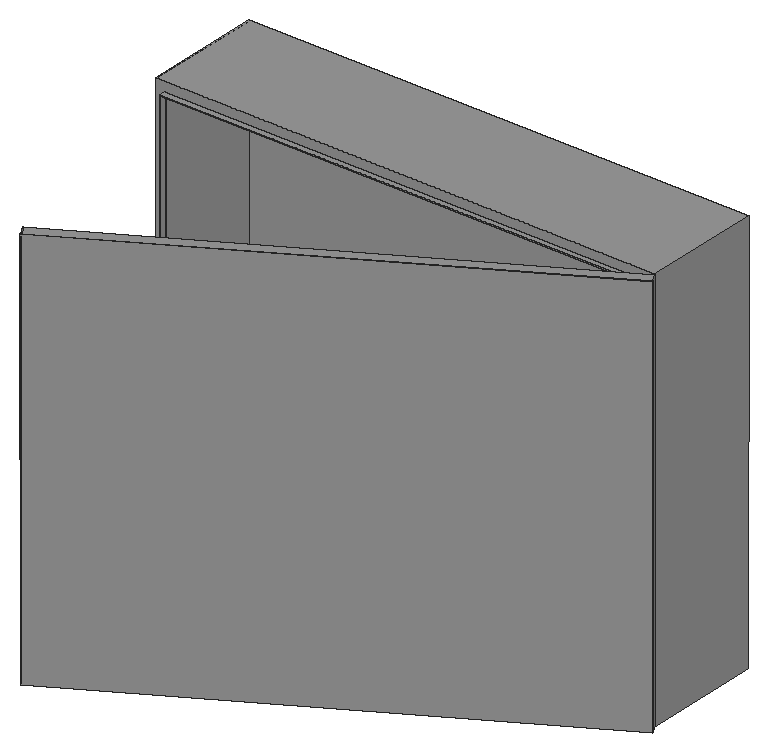
Revit family "Hager-Univers-IP54-D205-H650-Cl.I-Encl-NoHosted-CH-fr", category Electrical Equipment, Revit 2020
Family settings
  Panel Configuration = Two Columns, Circuits Across
  Round Connector Dimension = Use Diameter
  Part Type = Panelboard
  Work Plane-Based = Yes
  Always vertical = Yes
  Cut with Voids When Loaded = No
  Shared = No
  Room Calculation Point = No
Parameters (values of type "saillie IP54 L800 H650 P205  - FP43TW2")
  Width Control [instance] = if([EF000008 - largeur] > Min Width, [EF000008 - largeur], Min Width)  # 800 mm
  Type Comments = [HG000003 - Gamme]  # "Univers"
  Thickness Door [instance] = if([EF009171 - épaisseur de matériau de la porte/du couvercle] > 3 mm, 3 mm, [EF009171 - épaisseur de matériau de la porte/du couvercle])  # 1 mm
  Seal Frame Offset [instance] = 17 mm  # constant formula
  Plinth Visibility [instance] = [HG000027 - Hauteur du socle] > 0 mm  # no
  Min Width [instance] = 100 mm  # constant formula
  Min Depth [instance] = (2 * [EF009170 - épaisseur de matériau du boîtier]) + 1 mm  # 3 mm
  Min Height [instance] = 100 mm  # constant formula
  Internal Frame Depth [instance] = (Door System Depth * 0.5)  # 9 mm
  Panel Name [instance] = ""  # (empty or 0)
  Model = ""
  HG000027 - Hauteur du socle = 0 mm
  HG000026 - Installation au sol = no
  HG000024 - Hauteur de la section basse = 600 mm
  HG000023 - Armoire double section = no
  HG000016 - Visibilité de la porte 3D [instance] = yes
  HG000015 - Visibilité de l'emprise de la porte [instance] = no
  HG000014 - Porte à droite [instance] = yes
  HG000013 - Porte à gauche [instance] = not([HG000014 - Porte à droite])  # no
  HG000012 - Angle de pivotement de la porte [instance] = 30.00°
  HG000010 - Portes asymétriques = no
  HG000009 - Porte à double battant = no
  HG000006 - Encastré = no
  HG000004 - Référence fabricant = "FP43TW2"
  HG000003 - Gamme = "Univers"
  HG000002 - avec porte = yes
  Frame Offset Bottom [instance] = 10 mm  # constant formula
  Frame Offset [instance] = 15 mm  # constant formula
  EF015940 - couvercle avec décharge de pression = no
  EF011959 - degré de protection (NEMA) = ""
  EF009554 - nombre d'ouvertures pour plaques à bride = 6
  EF009212 - finition du couvercle = "EV000116 - fermé"
  EF009171 - épaisseur de matériau de la porte/du couvercle = 1 mm
  EF009170 - épaisseur de matériau du boîtier = 1 mm
  EF008873 - courant nominal (In) = 250 A
  EF007800 - adapté à un parafoudre = no
  EF006306 - avec serrure = no
  EF006244 - couvercle/porte transparent(e) = no
  EF005474 - indice de protection (IP) = "EV006419 - IP54"
  EF004464 - type de porte = "EV002646 - unique"
  EF004427 - nombre de modules = 144
  EF004293 - indice de protection contre les chocs (IK) = "EV006815 - IK09"
  EF003532 - convient pour utilisation à l’extérieur = no
  EF002950 - largeur en nombre de modules = 36
  EF001613 - maintien de fonction = "EV000494 - sans"
  EF001596 - matériau du boîtier/corps = "EV000179 - acier"
  EF001131 - profondeur intérieure = 205 mm
  EF001088 - possibilité de montage en saillie = yes
  EF000437 - nombre d'entrées de conduit = 6
  EF000339 - type de capot = "EV001012 - couvercle"
  EF000266 - nombre de rangées = 4
  EF000218 - profondeur d'encastrement = 205 mm
  EF000118 - avec cadre/support de montage = no
  EF000116 - numéro RAL = "9010"
  EF000049 - profondeur = 205 mm
  EF000040 - hauteur = 650 mm
  EF000008 - largeur = 800 mm
  EF000007 - couleur = "EV000202 - blanc"
  EF000003 - mode de pose = "EV000384 - saillie"
  Door System Leaf Tolerance [instance] = 1.5 mm  # constant formula
  Door System Depth [instance] = 18 mm  # constant formula
  Door Height [instance] = Height Control - [HG000027 - Hauteur du socle]  # 650 mm
  Description = ""
  Default Elevation = 1219.2 mm
  Connector Offset [instance] = Height Control / 2  # 325 mm
  Manufacturer = "Hager"  # constant formula
  Height Control [instance] = if([EF000040 - hauteur] > Min Height, [EF000040 - hauteur], Min Height)  # 650 mm
  Depth Control [instance] = if([EF000049 - profondeur] > Min Depth, [EF000049 - profondeur], Min Depth)  # 205 mm
  Bottom Top Plate Trim [instance] = 1.5 mm  # constant formula
  Plinth height Ctrl [instance] = if([HG000027 - Hauteur du socle] > 0 mm, [HG000027 - Hauteur du socle], 12 mm)  # 12 mm
Types (5, lengths in mm): name | Width Control | HG000004 - Référence fabricant | EF009554 - nombre d'ouvertures pour plaques à bride | EF004464 - type de porte | EF004427 - nombre de modules | EF002950 - largeur en nombre de modules | EF000437 - nombre d'entrées de conduit | EF000008 - largeur
  saillie IP54 L1050 H650 P205  - FP44TW2 | 1050 | "FP44TW2" | 8 | "EV003602 - double" | 192 | 48 | 8 | 1050
  saillie IP54 L1300 H650 P205  - FP45TW2 | 1300 | "FP45TW2" | 10 | "EV003602 - double" | 240 | 60 | 10 | 1300
  saillie IP54 L300 H650 P205  - FP41TW2 | 300 | "FP41TW2" | 2 | "EV002646 - unique" | 48 | 12 | 2 | 300
  saillie IP54 L550 H650 P205  - FP42TW2 | 550 | "FP42TW2" | 4 | "EV002646 - unique" | 96 | 24 | 4 | 550
  saillie IP54 L800 H650 P205  - FP43TW2 | 800 | "FP43TW2" | 6 | "EV002646 - unique" | 144 | 36 | 6 | 800
Reference planes
  plane 1 "Center (Front/Back)": y = 0
  plane 2: z = 0
  plane 3 "Center (Left/Right)": x = 0
  plane 4: y = 0
  plane 5: y = 0
  plane 6: z = 0
  plane 7: x = -400
  plane 8: x = 400
  plane 9: x = 399
  plane 10: x = -399
  plane 11: z = 0
  plane 12: z = 1
  plane 13: y = -205
  plane 14: y = -1
  plane 15: x = 0
  plane 16: y = -187
  plane 17: y = -204
  plane 18: y = -186
  plane 19: x = -384
  plane 20: x = 384
  plane 21: z = 11
  plane 22: x = -383
  plane 23: x = 383
  plane 24: z = 0
  plane 25: z = 650
  plane 26: z = 650
  plane 27: z = 634
  plane 28: z = 649
Forms (mm)
  Extrusion 1, solid, material "Hager_Steel_RAL7035_Light_Grey", detail levels medium+fine
    sketch origin (-208.679, -4572, 0) x (-1, 0, 0) y (0, -1, 0)
      loop
        line (191.321, -4385) -> (-608.679, -4385) -> (-608.679, -4572) -> (191.321, -4572) -> (191.321, -4385)
    from 0 to 650
  Extrusion 2, void
    sketch origin (-350.771, -205, 1219.2) x (1, 0, 0) y (0, 0, 1)
      loop
        line (-48.229, -570.2) -> (-48.229, -1218.2) -> (749.771, -1218.2) -> (749.771, -570.2) -> (-48.229, -570.2)
    from -19 to -204
  Extrusion 3, void
    sketch origin (-290.084, -187, 1219.2) x (1, 0, 0) y (0, 0, 1)
      loop
        line (-93.916, -1208.2) -> (674.084, -1208.2) -> (674.084, -585.2) -> (-93.916, -585.2) -> (-93.916, -1208.2)
    from 0 to -1
  Extrusion 4, solid, material "Hager_Steel_RAL7035_Light_Grey", visible <- "Plinth Visibility", detail levels medium+fine
    sketch origin (0, 0, 0) x (1, 0, 0) y (0, 1, 0)
      loop
        line (-400, 0) -> (-400, -187) -> (400, -187) -> (400, 0) -> (-400, 0)
    from 0 to 12 <- "Plinth height Ctrl"
  Extrusion 5, solid, material "Hager_Steel_RAL7035_Light_Grey", detail levels coarse
    sketch origin (0, 0, 0) x (1, 0, 0) y (0, 1, 0)
      loop
        line (-400, 0) -> (-400, -205) -> (400, -205) -> (400, 0) -> (-400, 0)
    from 0 to 650 <- "Height Control"
  Sweep 6, void
    path in 3D
      loop
        line (-400, -187, 12) -> (400, -187, 12) -> (400, 0, 12) -> (-400, 0, 12) -> (-400, -187, 12)
    profile origin (-400, -93.5, 12) x (1, 0, 0) y (0, 0, 1)
      loop
        line (0, 0) -> (0, -1.5) -> (1.5, -1.5)
        arc (1.5, -1.5) -> (1.061, -0.439) -> (0, 0) r 1.5
  Extrusion 7, solid, material "Hager_Steel_RAL7035_Light_Grey", detail levels fine
    sketch origin (-400, -187, 0) x (1, 0, 0) y (0, 0, 1)
      loop
        line (16, 11) -> (784, 11) -> (784, 634) -> (16, 634) -> (16, 11)
      loop
        line (15, 10) -> (785, 10) -> (785, 635) -> (15, 635) -> (15, 10)
    from 0 to 9 <- "Internal Frame Depth"
Cuts and joins
  Extrusion 2, Extrusion 3 cuts Extrusion 1
  Sweep 6 cuts Extrusion 4
Lines and regions (mm)
  Masking region 1
    outline origin (0, 0, 0) x (1, 0, 0) y (0, 1, 0)
      loop
        line (-400, 0) -> (-400, -205) -> (400, -205) -> (400, 0) -> (-400, 0)
  Masking region 2, detail levels coarse
    outline origin (-290.084, -187, 1219.2) x (-1, 0, 0) y (0, 0, 1)
      loop
        line (-690.084, -1219.2) -> (109.916, -1219.2) -> (109.916, -569.2) -> (-690.084, -569.2) -> (-690.084, -1219.2)
  Masking region 3, detail levels coarse
    outline origin (0, 0, 0) x (0, 1, 0) y (0, 0, 1)
      loop
        line (0, 0) -> (0, 650) -> (-205, 650) -> (-205, 0) -> (0, 0)
  Masking region 4, visible <- "Plinth Visibility", detail levels medium+fine
    outline origin (0, 0, 0) x (0, 1, 0) y (0, 0, 1)
      loop
        line (-1.5, 12) -> (-185.5, 12)
        arc (-185.5, 12) -> (-185.939, 10.939) -> (-187, 10.5) r 1.5
        line (-187, 10.5) -> (-187, 0) -> (0, 0) -> (0, 10.5)
        arc (0, 10.5) -> (-1.061, 10.939) -> (-1.5, 12) r 1.5
  Masking region 5, detail levels medium+fine
    outline origin (0, 0, 594.038) x (0, 1, 0) y (0, 0, 1)
      loop
        line (0, -594.038) -> (0, 55.962) -> (-187, 55.962) -> (-187, -594.038) -> (0, -594.038)
  Masking region 6, detail levels medium+fine
    outline origin (-359.7, -187, 1211.883) x (-1, 0, 0) y (0, 0, 1)
      loop
        line (-759.7, -1211.883) -> (40.3, -1211.883) -> (40.3, -561.883) -> (-759.7, -561.883) -> (-759.7, -1211.883)
  Masking region 7, visible <- "Plinth Visibility", detail levels medium+fine
    outline origin (-320.334, -187, 1041.368) x (-1, 0, 0) y (0, 0, 1)
      loop
        line (-720.334, -1041.368) -> (79.666, -1041.368) -> (79.666, -1030.868)
        arc (79.666, -1030.868) -> (78.606, -1030.429) -> (78.166, -1029.368) r 1.5
        line (78.166, -1029.368) -> (-718.834, -1029.368)
        arc (-718.834, -1029.368) -> (-719.273, -1030.429) -> (-720.334, -1030.868) r 1.5
        line (-720.334, -1030.868) -> (-720.334, -1041.368)
  sketch lines
    curve 1: line (-400, 0, 12) -> (-400, -187, 12)
    curve 2: line (-400, -187, 12) -> (400, -187, 12)
    curve 3: line (400, 0, 12) -> (-400, 0, 12)
    curve 4: line (400, -187, 12) -> (400, 0, 12)
Dimensions and locks
  locked: plane 1 "Center (Front/Back)" to plane 5
  "EF009170 - épaisseur de matériau du boîtier": plane 7 to plane 10
  "EF009170 - épaisseur de matériau du boîtier": plane 8 to plane 9
  equal spacing: plane 7, plane 3 "Center (Left/Right)", plane 8
  "Width Control": plane 7 to plane 8
  "Depth Control": plane 4 to plane 13
  "EF009170 - épaisseur de matériau du boîtier": plane 4 to plane 14
  "Height Control": plane 25 to level
  "HG000027 - Hauteur du socle": plane 11 to level
  "EF009170 - épaisseur de matériau du boîtier": plane 12 to plane 11
  "EF009170 - épaisseur de matériau du boîtier": plane 17 to plane 13
  "EF009170 - épaisseur de matériau du boîtier": plane 18 to plane 16
  "Frame Offset Bottom": plane 21 to plane 12
  "Frame Offset": plane 10 to plane 19
  "Frame Offset": plane 9 to plane 20
  "Door System Depth": plane 16 to plane 13
  "Seal Frame Offset": plane 7 to plane 22
  "Seal Frame Offset": plane 8 to plane 23
  "EF009170 - épaisseur de matériau du boîtier": plane 26 to plane 28
  "Frame Offset": plane 28 to plane 27
  "Connector Offset": plane 2 to connector elem
  "Bottom Top Plate Trim": profile plane to Sweep 6 sketch curve
  "Bottom Top Plate Trim": Sweep 6 sketch curve to Sweep 6 sketch curve
  "Plinth height Ctrl": Masking region 4 sketch curve to level
  "Plinth height Ctrl": Masking region 7 sketch curve to level
  "Thickness Door": Extrusion 7 sketch curve to Extrusion 7 sketch curve  (x4)
  "Bottom Top Plate Trim": radius of Sweep 6 sketch curve
  "Bottom Top Plate Trim": radius of Masking region 4 sketch curve  (x2)
  "Bottom Top Plate Trim": radius of Masking region 7 sketch curve  (x2)
  aligned and locked: Extrusion 2 sketch curve to plane 12
  aligned and locked: Extrusion 2 sketch curve to plane 9
  aligned and locked: Extrusion 2 sketch curve to plane 10
  aligned and locked: Extrusion 2 to plane 14
  aligned and locked: Extrusion 1 sketch curve to plane 4
  aligned and locked: plane 8 to Extrusion 1 sketch curve
  aligned and locked: plane 7 to Extrusion 1 sketch curve
  aligned and locked: Extrusion 2 to plane 18
  aligned and locked: Extrusion 3 sketch curve to plane 19
  aligned and locked: plane 20 to Extrusion 3 sketch curve
  aligned and locked: Extrusion 3 to Extrusion 2
  aligned and locked: Extrusion 3 sketch curve to plane 21
  aligned and locked: plane 3 "Center (Left/Right)" to nested 1
  aligned and locked: Extrusion 1 sketch curve to plane 16
  aligned and locked: Extrusion 4 sketch curve to cut or joined group of Extrusion 1, Extrusion 2, Extrusion 3
  aligned and locked: Masking region 1 sketch curve to plane 7
  aligned and locked: Masking region 1 sketch curve to plane 5
  aligned and locked: Masking region 1 sketch curve to plane 8
  aligned and locked: Masking region 2 sketch curve to level
  aligned and locked: level to Masking region 3 sketch curve
  aligned and locked: plane 1 "Center (Front/Back)" to Masking region 3 sketch curve
  aligned and locked: plane 13 to Masking region 3 sketch curve
  aligned and locked: plane 5 to Masking region 4 sketch curve
  aligned and locked: Masking region 2 sketch curve to plane 8
  aligned and locked: Masking region 2 sketch curve to plane 7
  aligned and locked: plane 7 to nested 2
  aligned and locked: nested 2 to plane 5
  aligned and locked: plane 5 to Masking region 5 sketch curve
  aligned and locked: plane 26 to Masking region 5 sketch curve
  aligned and locked: Extrusion 5 sketch curve to plane 8
  aligned and locked: Extrusion 5 sketch curve to plane 7
  aligned and locked: Extrusion 5 sketch curve to plane 5
  aligned and locked: Extrusion 3 sketch curve to plane 27
  aligned and locked: Extrusion 2 sketch curve to plane 28
  aligned and locked: Masking region 2 to plane 25
  aligned and locked: Extrusion 4 to plane 16
  aligned and locked: profile plane to Sweep 6 sketch curve
  aligned and locked: Masking region 5 sketch curve to plane 24
  aligned and locked: level to Masking region 4 sketch curve
  aligned and locked: Masking region 1 to plane 13
  aligned and locked: nested 1 to plane 16
  aligned and locked: Masking region 3 to plane 25
  aligned and locked: plane 16 to Masking region 4 sketch curve
  aligned and locked: Masking region 5 sketch curve to plane 16
  aligned and locked: plane 24 to plane 11
  aligned and locked: plane 26 to plane 25
  aligned and locked: plane 26 to cut or joined group of Extrusion 1, Extrusion 2, Extrusion 3
  aligned and locked: nested 1 to plane 24
  aligned and locked: Extrusion 1 to Extrusion 3
  aligned and locked: Masking region 6 sketch curve to plane 8
  aligned and locked: Masking region 6 sketch curve to plane 24
  aligned and locked: Masking region 6 sketch curve to plane 7
  aligned and locked: Masking region 6 sketch curve to plane 26
  aligned and locked: Masking region 7 sketch curve to plane 7
  aligned and locked: level to Masking region 7 sketch curve
  aligned and locked: Masking region 7 sketch curve to plane 8
  aligned and locked: Extrusion 7 sketch curve to cut or joined group of Extrusion 1, Extrusion 2, Extrusion 3  (x4)
Automatic sketch dimensions
  plane 19 to Extrusion 3 sketch curve = 0 mm
  Extrusion 3 sketch curve to plane 20 = 0 mm
  Extrusion 3 sketch curve to plane 21 = 0 mm
  Extrusion 4 sketch curve to plane 7 = 0 mm
  Extrusion 4 sketch curve to plane 8 = 0 mm
  Extrusion 4 sketch curve to plane 16 = 0 mm
  Masking region 1 sketch curve to plane 13 = 0 mm
  Masking region 2 sketch curve to plane 25 = 0 mm
  Masking region 3 sketch curve to plane 25 = 0 mm
  Extrusion 5 sketch curve to plane 13 = 0 mm
  profile plane to Sweep 6 sketch curve = 0 mm
Nested families
  nested 1: "EC000058_Univers_Door" at (0, -187, 0), Double <- "HG000009 - Porte à double battant", Transparent <- "EF006244 - couvercle/porte transparent(e)", Angle <- "HG000012 - Angle de pivotement de la porte", Door_Right <- "HG000014 - Porte à droite", Assymetrical <- "HG000010 - Portes asymétriques", Door <- "HG000002 - avec porte", Width_Ctrl <- "Width Control", 3d_Door <- "HG000016 - Visibilité de la porte 3D", Clearance <- "HG000015 - Visibilité de l'emprise de la porte", Door_Left <- "HG000013 - Porte à gauche", Width <- "Width Control", Door_Depth <- "Door System Depth", Leaf_Tolerance <- "Door System Leaf Tolerance", Height <- "Door Height", Lock_Visibility <- "EF006306 - avec serrure", Thickness <- "Thickness Door", type "EC000058_Univers_Door", detail levels medium+fine
    with min_wh 3 mm, Width_Ctrl 800 mm, Width 800 mm, Transparent no, Thickness 1 mm, Seal_Material Hager_Rubber, Lock_Visibility no, Lock_Material Hager_Plastic_RAL9005_Jet_Black, Leaf_Width 800 mm, Leaf_Tolerance_External_Sides 0 mm, Leaf_Tolerance 1.5 mm, Leaf_Offset 0 mm, Leaf_Height 647 mm, Leaf_2_Width 800 mm, Leaf_2_Offset 400 mm, Leaf_1_Width 800 mm, Leaf_1_Offset 400 mm, Height_Ctrl 650 mm, Height 650 mm, Glass_Material Hager_Glass, Double_Clearance_Ctrl no, Double no, Door_Right_Ctrl yes, Door_Right yes, Door_Material Hager_Steel_RAL7035_Light_Grey, Door_Left_Ctrl no, Door_Left no, Door_Depth 18 mm, Door yes, Clearance_Material Hager_Clearance, Clearance_Depth 800 mm, Clearance_Ctrl no, Clearance no, Assymetrical no, Angle 30.00°, 3d_Door yes
  nested 2: "Hager_Enclosure_Symbol" at (-400, 0, 0), Height <- "Depth Control", Width <- "Width Control", type "Hager_Enclosure_Symbol"
    with Width_Ctrl 800 mm, Width 800 mm, Height_Ctrl 205 mm, Height 205 mm, A_Width_Int 13.453 mm, A_Width 161.438 mm, A_Height_Ctrl 179.375 mm, A_Height 179.375 mm
Connectors
  electrical at (0, 0, 325)
    settings: on plane 1 "Center (Front/Back)", index 1, voltage 0 V, apparent load 0 VA, apparent load phase1 0 VA, apparent load phase2 0 VA, apparent load phase3 0 VA, power factor 1, load classification "Other", number of poles 1, system type 30, power factor state 1, is connector primary yes, connector utility no, sub classification motor no, connector description ""
Definition of nested family "EC000058_Univers_Door"
  Parameters (values of type "EC000058_Univers_Door")
    min_wh [instance] = (2 * Thickness) + 1 mm  # 11 mm
    Width_Ctrl [instance] = 400 mm
    Width [instance] = 500 mm
    Transparent [instance] = yes
    Thickness [instance] = 5 mm
    Seal_Material [instance] = none
    Lock_Visibility [instance] = yes
    Lock_Material [instance] = none
    Leaf_Width [instance] = if((Width_Ctrl - 2 * Leaf_Tolerance_External_Sides) > 0 mm, (Width_Ctrl - 2 * Leaf_Tolerance_External_Sides), min_wh)  # 400 mm
    Leaf_Tolerance_External_Sides [instance] = 0 mm  # constant formula
    Leaf_Tolerance [instance] = 1.5 mm
    Leaf_Offset [instance] = 0 mm  # constant formula
    Leaf_Height [instance] = if((Height_Ctrl - 2 * Leaf_Tolerance) > 0 mm, (Height_Ctrl - 2 * Leaf_Tolerance), min_wh)  # 497 mm
    Leaf_2_Width [instance] = if(and(and(Double, Assymetrical), Door_Left), (Leaf_Width / 3) - (Leaf_Tolerance / 2), if(and(and(Double, Assymetrical), Door_Right), (Leaf_Width / 3) * 2 - (Leaf_Tolerance / 2), if(and(Double, not(Assymetrical)), (Leaf_Width / 2) - Leaf_Tolerance, Leaf_Width)))  # 400 mm
    Leaf_2_Offset [instance] = if(and(Double, Assymetrical), Leaf_2_Width / 2, if(and(Double, not(Assymetrical)), Leaf_Width / 4, Leaf_Width / 2))  # 200 mm
    Leaf_1_Width [instance] = if(and(and(Double, Assymetrical), Door_Right), (Leaf_Width / 3) - (Leaf_Tolerance / 2), if(and(and(Double, Assymetrical), Door_Left), (Width / 3) * 2 - (Leaf_Tolerance / 2), if(and(Double, not(Assymetrical)), (Leaf_Width / 2) - Leaf_Tolerance, Leaf_Width)))  # 400 mm
    Leaf_1_Offset [instance] = if(and(Double, Assymetrical), Leaf_1_Width / 2, if(and(Double, not(Assymetrical)), Leaf_Width / 4, Leaf_Width / 2))  # 200 mm
    Height_Ctrl [instance] = if(Height > min_wh, Height, min_wh)  # 500 mm
    Height [instance] = 500 mm
    Glass_Material [instance] = none
    Double_Clearance_Ctrl [instance] = and(Double, Clearance)  # no
    Double [instance] = no
    Door_Right_Ctrl [instance] = and(or(Door_Right, Double), Door)  # yes
    Door_Right [instance] = yes
    Door_Material [instance] = none
    Door_Left_Ctrl [instance] = and(or(Door_Left, Double), Door)  # no
    Door_Left [instance] = no
    Door_Depth [instance] = 30 mm
    Door [instance] = yes
    Default Elevation = 1219.2 mm
    Clearance_Material [instance] = none
    Clearance_Depth [instance] = if(Leaf_1_Width > Leaf_2_Width, Leaf_1_Width, Leaf_2_Width)  # 400 mm
    Clearance_Ctrl [instance] = and(not(Double), Clearance)  # yes
    Clearance [instance] = yes
    Assymetrical [instance] = yes
    Angle [instance] = 30.00°
    3d_Door [instance] = yes
  Reference planes
    plane 1 "Center (Front/Back)": y = 0
    plane 2 "Bottom": z = 0
    plane 3 "Center (Left/Right)": x = 0
    plane 4: z = 500
    plane 5: x = -200
    plane 6: x = 200
    plane 7: z = 500
    plane 8: x = -200
    plane 9: z = 0
    plane 10: x = 200
    plane 11: y = 0
    plane 12: z = 1.5
    plane 13: x = -600
    plane 14: y = -400
    plane 15: x = 600
    plane 16: x = 0
    plane 17: x = 0
    plane 18: x = -200
    plane 19: x = 200
    plane 20: z = 498.5
  Forms (mm)
    Extrusion 1, solid, material <- "Clearance_Material", visible <- "Double_Clearance_Ctrl"
      sketch origin (1200, 0, 0) x (1, 0, 0) y (0, 0, -1)
        loop
          line (-1800, -498.5) -> (-600, -498.5) -> (-600, 0) -> (-1800, 0) -> (-1800, -498.5)
      from 0 to -400
  Dimensions and locks
    equal spacing: plane 5, plane 3 "Center (Left/Right)", plane 6
    "Width_Ctrl": plane 5 to plane 6
    "Leaf_Offset": plane 5 to plane 8
    "Leaf_Offset": plane 6 to plane 10
    "Leaf_Offset": plane 9 to level
    "Leaf_Offset": plane 4 to plane 7
    "Height_Ctrl": plane 4 to level
    "Leaf_Tolerance": plane 12 to plane 9
    locked: plane 11 to plane 1 "Center (Front/Back)"
    "Leaf_1_Offset": plane 18 to plane 16
    "Leaf_2_Offset": plane 17 to plane 19
    "Leaf_1_Width": plane 13 to plane 8
    "Leaf_2_Width": plane 10 to plane 15
    "Clearance_Depth": plane 14 to plane 1 "Center (Front/Back)"
    "Leaf_Tolerance_External_Sides": plane 8 to plane 18
    "Leaf_Tolerance_External_Sides": plane 19 to plane 10
    "Leaf_Tolerance": plane 7 to plane 20
    aligned and locked: level to plane 2 "Bottom"
    aligned and locked: nested 1 to plane 16
    aligned and locked: nested 2 to plane 17
    aligned and locked: Extrusion 1 to plane 13
    aligned and locked: plane 15 to Extrusion 1
    aligned and locked: Extrusion 1 to plane 14
    aligned and locked: plane 12 to nested 1
    aligned and locked: nested 2 to plane 12
    aligned and locked: Extrusion 1 to plane 11
    aligned and locked: plane 20 to Extrusion 1
    aligned and locked: nested 2 to plane 11
    aligned and locked: nested 1 to plane 11
  Automatic sketch dimensions
    Extrusion 1 sketch curve to level = 0 mm
    plane 5 to Extrusion 1 sketch curve = 400 mm
    plane 6 to Extrusion 1 sketch curve = 400 mm
    Extrusion 1 sketch curve to plane 4 = 1.5 mm
  Nested families
    nested 1: "EC000058_Univers_Door_Leaf" at (0, 0, 1.5), Width <- "Leaf_1_Width", visible <- "Door_Left_Ctrl", Leaf_Height <- "Leaf_Height", Angle <- "Angle", 3d_Door <- "3d_Door", Transparent <- "Transparent", Clearance Material <- "Clearance_Material", Clearance <- "Clearance_Ctrl", Door_Material <- "Door_Material", Glass_Material <- "Glass_Material", Door_Depth <- "Door_Depth", Lock_Material <- "Lock_Material", Seal_Material <- "Seal_Material", Lock_Visibility <- "Lock_Visibility", Thickness <- "Thickness", type "EC000058_Univers_Door_Leaf"
      with Width 400 mm, Transparent_Glass_Offset 30 mm, Transparent_Ctrl yes, Transparent yes, Thickness 5 mm, Standard no, Seal_Material none, Seal_D2 8 mm, Seal_D1 1 mm, Offset_Internal_Frame 10 mm, Lock_Width 20 mm, Lock_Visibility_3d yes, Lock_Visibility yes, Lock_Thickness_3 3 mm, Lock_Thickness_2 1 mm, Lock_Thickness_1 3 mm, Lock_Radius_Offset_2 16 mm, Lock_Radius_Offset_1 15 mm, Lock_Radius_2 5 mm, Lock_Radius 6 mm, Lock_Offset 5 mm, Lock_Material none, Lock_Height 80 mm, Lock_Cover_Top_Offset_2d 17 mm, Lock_Cover_Height -65 mm, Leaf_Height 497 mm, Internal_Seal_Thickness 8 mm, Internal_Seal_Depth_2 4.5 mm, Internal_Frame_Depth 25 mm, Glass_Thickness -1 mm, Glass_Offset -2 mm, Glass_Material none, Door_Material none, Door_Depth 30 mm, Clearance Material none, Clearance yes, Angle_Ctrl 30.00°, Angle 30.00°, 3d_Door yes
    nested 2: "EC000058_Univers_Door_Leaf" at (0, 0, 1.5) x (-1, 0, 0) z (0, 0, 1), Width <- "Leaf_2_Width", visible <- "Door_Right_Ctrl", Leaf_Height <- "Leaf_Height", Angle <- "Angle", 3d_Door <- "3d_Door", Transparent <- "Transparent", Clearance Material <- "Clearance_Material", Clearance <- "Clearance_Ctrl", Door_Material <- "Door_Material", Glass_Material <- "Glass_Material", Door_Depth <- "Door_Depth", Lock_Material <- "Lock_Material", Seal_Material <- "Seal_Material", Lock_Visibility <- "Lock_Visibility", Thickness <- "Thickness", type "EC000058_Univers_Door_Leaf"
      with Width 400 mm, Transparent_Glass_Offset 30 mm, Transparent_Ctrl yes, Transparent yes, Thickness 5 mm, Standard no, Seal_Material none, Seal_D2 8 mm, Seal_D1 1 mm, Offset_Internal_Frame 10 mm, Lock_Width 20 mm, Lock_Visibility_3d yes, Lock_Visibility yes, Lock_Thickness_3 3 mm, Lock_Thickness_2 1 mm, Lock_Thickness_1 3 mm, Lock_Radius_Offset_2 16 mm, Lock_Radius_Offset_1 15 mm, Lock_Radius_2 5 mm, Lock_Radius 6 mm, Lock_Offset 5 mm, Lock_Material none, Lock_Height 80 mm, Lock_Cover_Top_Offset_2d 17 mm, Lock_Cover_Height -65 mm, Leaf_Height 497 mm, Internal_Seal_Thickness 8 mm, Internal_Seal_Depth_2 4.5 mm, Internal_Frame_Depth 25 mm, Glass_Thickness -1 mm, Glass_Offset -2 mm, Glass_Material none, Door_Material none, Door_Depth 30 mm, Clearance Material none, Clearance yes, Angle_Ctrl 30.00°, Angle 30.00°, 3d_Door yes
  Definition of nested family "EC000058_Univers_Door_Leaf"
    Parameters (values of type "EC000058_Univers_Door_Leaf")
      Width [instance] = 2000 mm
      Transparent_Glass_Offset [instance] = 30 mm
      Transparent_Ctrl [instance] = and(Transparent, [3d_Door])  # yes
      Transparent [instance] = yes
      Thickness [instance] = 5 mm
      Standard [instance] = and(not(Transparent), [3d_Door])  # no
      Seal_Material [instance] = none
      Seal_D2 [instance] = 8 mm  # constant formula
      Seal_D1 [instance] = 1 mm  # constant formula
      Offset_Internal_Frame [instance] = 10 mm  # constant formula
      Lock_Width [instance] = 20 mm  # constant formula
      Lock_Visibility_3d [instance] = and(Lock_Visibility, [3d_Door])  # yes
      Lock_Visibility [instance] = yes
      Lock_Thickness_3 [instance] = 3 mm  # constant formula
      Lock_Thickness_2 [instance] = 1 mm  # constant formula
      Lock_Thickness_1 [instance] = 3 mm  # constant formula
      Lock_Radius_Offset_2 [instance] = Lock_Radius_Offset_1 + 1 mm  # 16 mm
      Lock_Radius_Offset_1 [instance] = 15 mm  # constant formula
      Lock_Radius_2 [instance] = Lock_Radius - 1 mm  # 5 mm
      Lock_Radius [instance] = 6 mm  # constant formula
      Lock_Offset [instance] = 5 mm  # constant formula
      Lock_Material [instance] = none
      Lock_Height [instance] = 80 mm  # constant formula
      Lock_Cover_Top_Offset_2d [instance] = Lock_Radius_Offset_2 + 1 mm  # 17 mm
      Lock_Cover_Height [instance] = -(Lock_Height - Lock_Radius_Offset_1)  # -65 mm
      Leaf_Height [instance] = 2720.336 mm
      Internal_Seal_Thickness [instance] = 8 mm  # constant formula
      Internal_Seal_Depth_2 [instance] = 4.5 mm  # constant formula
      Internal_Frame_Depth [instance] = if(Door_Depth - Thickness > 5 mm, Door_Depth - Thickness, 5 mm)  # 25 mm
      Glass_Thickness [instance] = if(Thickness > 15 mm, Glass_Offset + 10 mm, -1 mm)  # -1 mm
      Glass_Offset [instance] = if(Thickness > 15 mm, -(Thickness + 10 mm) / 2, -2 mm)  # -2 mm
      Glass_Material [instance] = none
      Door_Material [instance] = none
      Door_Depth [instance] = 30 mm
      Default Elevation = 0 mm
      Clearance Material [instance] = none
      Clearance [instance] = yes
      Angle_Ctrl [instance] = if(Angle > 180.00°, 180.00°, Angle)  # 90.00°
      Angle [instance] = 90.00°
      3d_Door [instance] = yes
    Reference planes
      plane 1 "Center (Front/Back)": y = 0
      plane 2: z = 0
      plane 3 "Center (Left/Right)": x = 0
      plane 4: y = 2000
      plane 5: x = -1000
      plane 6: x = 1000
      plane 7: x = -3000
      plane 8: z = 2720.336
      plane 9: z = 30
      plane 10: z = 2690.336
      plane 11: x = 970
      plane 12: x = -970
      plane 13: y = -3
      plane 14: z = 107.833
      plane 15: y = -5
      plane 16: y = -223.314
      plane 17: x = -1000
      plane 18: z = 1360.168
      plane 19: y = 30
    Forms (mm)
      Extrusion 1, solid, material <- "Clearance Material", visible <- "Clearance"
        sketch origin (0, 0, 0) x (1, 0, 0) y (0, 0, 1)
          loop
            line (-3000, 2720.336) -> (-3000, 0) -> (1000, 0) -> (1000, 2720.336) -> (-3000, 2720.336)
        from 0 to -2000
      Extrusion 2, solid, material <- "Door_Material", visible <- "Standard", detail levels medium+fine
        sketch origin (-1000, 0, 0) x (0, 1, 0) y (-1, 0, 0)
          loop
            line (0, 30) -> (0, 25) -> (2000, 25) -> (2000, 30) -> (0, 30)
        from 0 to 2720.336 <- "Leaf_Height"
      Extrusion 3, solid, material <- "Door_Material", visible <- "Transparent_Ctrl", detail levels medium+fine
        sketch origin (-1000, 0, 0) x (0, 1, 0) y (-1, 0, 0)
          loop
            line (0, 25) -> (2000, 25) -> (2000, 30) -> (0, 30) -> (0, 25)
        from 0 to 2720.336 <- "Leaf_Height"
      Extrusion 4, void
        sketch origin (-1025, 2000, 0) x (0, 1, 0) y (0, 0, -1)
          loop
            line (-30, -2690.336) -> (-30, -30) -> (-1970, -30) -> (-1970, -2690.336) -> (-30, -2690.336)
        from 0 to 5 <- "Thickness"
      Sweep 5, solid, material <- "Seal_Material", visible <- "Transparent_Ctrl", detail levels fine
        path in 3D
          loop
            line (-1025, 30, 30) -> (-1025, 30, 2690.336) -> (-1025, 1970, 2690.336) -> (-1025, 1970, 30) -> (-1025, 30, 30)
        profile origin (-1025, 1000, 30) x (1, 0, 0) y (0, 0, 1)
          loop
            line (0, 0) -> (0, -8) -> (1, -8) -> (1, 0) -> (0, 0)
      Extrusion 6, solid, material <- "Glass_Material", visible <- "Transparent_Ctrl", detail levels medium+fine
        sketch origin (-1030, 0, 0) x (0, 1, 0) y (0, 0, -1)
          loop
            line (1970, -2690.336) -> (1970, -30) -> (30, -30) -> (30, -2690.336) -> (1970, -2690.336)
        from -2 <- "Glass_Offset" to -1 <- "Glass_Thickness"
      Extrusion 7, solid, material <- "Door_Material", visible <- "3d_Door", detail levels medium+fine
        sketch origin (-1025, 2000, 0) x (0, -1, 0) y (0, 0, -1)
          loop
            line (0, -2720.336) -> (2000, -2720.336) -> (2000, 0) -> (0, 0) -> (0, -2720.336)
          loop
            line (1995, -5) -> (5, -5) -> (5, -2715.336) -> (1995, -2715.336) -> (1995, -5)
        from 0 to 25 <- "Internal_Frame_Depth"
      Sweep 8, solid, material <- "Seal_Material", visible <- "Transparent_Ctrl", detail levels fine
        path in 3D
          loop
            line (-1025, 0, 0) -> (-1025, 2000, 0) -> (-1025, 2000, 2720.336) -> (-1025, 0, 2720.336) -> (-1025, 0, 0)
        profile origin (-1025, 0, 1360.168) x (1, 0, 0) y (0, 1, 0)
          loop
            line (0, 10) -> (2.975, 10)
            arc (2.975, 10) -> (4.053, 10.447) -> (4.5, 11.525) r 1.525
            line (4.5, 11.525) -> (4.5, 16.527)
            arc (4.5, 16.527) -> (4.069, 17.569) -> (3.027, 18) r 1.473
            line (3.027, 18) -> (0, 18) -> (0, 10)
      Extrusion 9, solid, material <- "Lock_Material", visible <- "Lock_Visibility_3d", detail levels fine
        sketch origin (-1030, 0, 0) x (0, 1, 0) y (0, 0, -1)
          loop
            arc (1993.5, -1400.168) -> (1994.561, -1399.729) -> (1995, -1398.668) r 1.5
            line (1995, -1398.668) -> (1995, -1320.168) -> (1975, -1320.168) -> (1975, -1398.668)
            arc (1975, -1398.668) -> (1975.439, -1399.729) -> (1976.5, -1400.168) r 1.5
            line (1976.5, -1400.168) -> (1993.5, -1400.168)
        from 3 <- "Lock_Thickness_1" to 0
      Blend 10, solid, material <- "Lock_Material", visible <- "Lock_Visibility_3d", detail levels fine
        base sketch origin (-1033, 0, 0) x (0, 1, 0) y (0, 0, -1)
          loop
            line (1975, -1320.168) -> (1975, -1398.668)
            arc (1975, -1398.668) -> (1975.439, -1399.729) -> (1976.5, -1400.168) r 1.5
            line (1976.5, -1400.168) -> (1993.5, -1400.168)
            arc (1993.5, -1400.168) -> (1994.561, -1399.729) -> (1995, -1398.668) r 1.5
            line (1995, -1398.668) -> (1995, -1320.168) -> (1975, -1320.168)
        top sketch origin (-1033, 0, 0) x (0, 1, 0) y (0, 0, -1)
          loop
            line (1976, -1320.168) -> (1976, -1398.668)
            arc (1976, -1398.668) -> (1976.146, -1399.022) -> (1976.5, -1399.168) r 0.5
            line (1976.5, -1399.168) -> (1993.5, -1399.168)
            arc (1993.5, -1399.168) -> (1993.854, -1399.022) -> (1994, -1398.668) r 0.5
            line (1994, -1398.668) -> (1994, -1320.168) -> (1976, -1320.168)
        from 0 to 1 <- "Lock_Thickness_2"
      Blend 11, solid, material <- "Lock_Material", visible <- "Lock_Visibility_3d", detail levels fine
        base sketch origin (-1034, 0, 0) x (0, 1, 0) y (0, 0, -1)
          loop
            line (1978, -1320.168) -> (1978, -1384.168)
            arc (1978, -1384.168) -> (1985, -1391.168) -> (1992, -1384.168) r 7
            line (1992, -1384.168) -> (1992, -1320.168) -> (1978, -1320.168)
        top sketch origin (-1034, 0, 0) x (0, 1, 0) y (0, 0, -1)
          loop
            line (1991, -1320.168) -> (1979, -1320.168) -> (1979, -1383.168)
            arc (1979, -1383.168) -> (1985, -1389.168) -> (1991, -1383.168) r 6
            line (1991, -1383.168) -> (1991, -1320.168)
        from 0 to 3 <- "Lock_Thickness_3"
      Extrusion 12, solid, material <- "Lock_Material", visible <- "Lock_Visibility_3d", detail levels fine
        sketch origin (-1030, 1975, 1320.168) x (1, 0, 0) y (0, -1, 0)
          loop
            line (-7, -19) -> (-7, -1) -> (0, -1) -> (0, 0) -> (-8, 0) -> (-8, -20) -> (0, -20) -> (0, -19) -> (-7, -19)
        from 0 to -65 <- "Lock_Cover_Height"
      Extrusion 13, void
        sketch origin (-1038, 1995, 1320.168) x (-1, 0, 0) y (0, 0, -1)
          loop
            line (-5, -65) -> (0, -65) -> (-5, -60) -> (-5, -65)
        from 0 to 20 <- "Lock_Width"
      Extrusion 14, void
        sketch origin (-1038, 1975, 1320.168) x (0, -1, 0) y (0, 0, -1)
          loop
            circle (-10, -15.995) r 6
          loop
            circle (-10, -15.995) r 5
        from 0 to 2
      Extrusion 15, solid, material <- "Lock_Material", visible <- "Lock_Visibility_3d", detail levels medium
        sketch origin (-1030, 0, 0) x (0, 1, 0) y (0, 0, -1)
          loop
            arc (1993.5, -1400.168) -> (1994.561, -1399.729) -> (1995, -1398.668) r 1.5
            line (1995, -1398.668) -> (1995, -1320.168) -> (1975, -1320.168) -> (1975, -1398.668)
            arc (1975, -1398.668) -> (1975.439, -1399.729) -> (1976.5, -1400.168) r 1.5
            line (1976.5, -1400.168) -> (1993.5, -1400.168)
        from 8 to 0
    Cuts and joins
      Extrusion 4 cuts Extrusion 3
      Extrusion 13, Extrusion 14 cuts Extrusion 9
      Extrusion 14 cuts Blend 11
      Extrusion 13, Extrusion 14 cuts Extrusion 12
      joined: Extrusion 9, Blend 10, Blend 11, Extrusion 12
      Extrusion 14 cuts Extrusion 15
    Lines and regions (mm)
      Masking region 1, visible <- "Lock_Visibility", detail levels fine
        outline origin (0, 0, 0) x (0, 1, 0) y (0, 0, 1)
          loop
            line (30, 1320.168) -> (33, 1320.168) -> (33, 1400.168) -> (30, 1400.168) -> (30, 1320.168)
      Masking region 2, visible <- "Lock_Visibility", detail levels fine
        outline origin (0, 3.143, 0) x (0, 1, 0) y (0, 0, 1)
          loop
            line (29.857, 1354.168) -> (30.857, 1354.168) -> (30.857, 1366.168) -> (29.857, 1366.168) -> (29.857, 1354.168)
      Masking region 3, detail levels medium+fine
        outline origin (0, 0, 0) x (0, 1, 0) y (0, 0, 1)
          loop
            line (0, 0) -> (30, 0) -> (30, 2720.336) -> (0, 2720.336) -> (0, 0)
      Masking region 4, detail levels medium+fine
        outline origin (0, 0, 0) x (1, 0, 0) y (0, 0, 1)
          loop
            line (-1000, 2720.336) -> (-1000, 0) -> (1000, 0) -> (1000, 2720.336) -> (-1000, 2720.336)
      Masking region 5, visible <- "Lock_Visibility", detail levels fine
        outline origin (-47.116, 0, 0) x (1, 0, 0) y (0, 0, 1)
          loop
            arc (1024.616, 1399.168) -> (1023.556, 1398.729) -> (1023.116, 1397.668) r 1.5
            line (1023.116, 1397.668) -> (1023.116, 1320.168) -> (1041.116, 1320.168) -> (1041.116, 1397.668)
            arc (1041.116, 1397.668) -> (1040.677, 1398.729) -> (1039.616, 1399.168) r 1.5
            line (1039.616, 1399.168) -> (1024.616, 1399.168)
      Masking region 6, visible <- "Lock_Visibility", detail levels medium+fine
        outline origin (-25, 0, 0) x (1, 0, 0) y (0, 0, 1)
          loop
            arc (1001.5, 1400.168) -> (1000.439, 1399.729) -> (1000, 1398.668) r 1.5
            line (1000, 1398.668) -> (1000, 1320.168) -> (1020, 1320.168) -> (1020, 1398.668)
            arc (1020, 1398.668) -> (1019.561, 1399.729) -> (1018.5, 1400.168) r 1.5
            line (1018.5, 1400.168) -> (1001.5, 1400.168)
      Masking region 7, visible <- "Lock_Visibility", detail levels fine
        outline origin (-73.735, 0, 0) x (1, 0, 0) y (0, 0, 1)
          loop
            line (1051.735, 1382.168) -> (1065.735, 1382.168) -> (1065.735, 1384.168)
            arc (1065.735, 1384.168) -> (1058.735, 1391.168) -> (1051.735, 1384.168) r 7
            line (1051.735, 1384.168) -> (1051.735, 1382.168)
      Masking region 8, visible <- "Lock_Visibility", detail levels fine
        outline origin (-73.735, 0, 0) x (1, 0, 0) y (0, 0, 1)
          loop
            line (1052.735, 1382.168) -> (1064.735, 1382.168) -> (1064.735, 1383.168)
            arc (1064.735, 1383.168) -> (1058.735, 1389.168) -> (1052.735, 1383.168) r 6
            line (1052.735, 1383.168) -> (1052.735, 1382.168)
      Masking region 9, visible <- "Lock_Visibility", detail levels fine
        outline origin (-25, 0, 0) x (1, 0, 0) y (0, 0, 1)
          loop
            line (1020, 1320.168) -> (1020, 1382.168) -> (1000, 1382.168) -> (1000, 1320.168) -> (1020, 1320.168)
      Masking region 10, detail levels medium+fine
        outline origin (0, 0, 0) x (1, 0, 0) y (0, 0, 1)
          loop
            circle (985, 1335.144) r 6
      Masking region 11, detail levels fine
        outline origin (0, 0, 0) x (1, 0, 0) y (0, 0, 1)
          loop
            circle (985, 1335.144) r 5
      Masking region 12, visible <- "Lock_Visibility", detail levels fine
        outline origin (0, 12.767, 0) x (0, 1, 0) y (0, 0, 1)
          loop
            line (20.233, 1320.168) -> (21.233, 1320.168) -> (21.233, 1399.168) -> (20.233, 1400.168) -> (20.233, 1320.168)
      Masking region 13, visible <- "Lock_Visibility", detail levels fine
        outline origin (0, 13.767, -10) x (0, 1, 0) y (0, 0, 1)
          loop
            line (20.233, 1330.168) -> (23.233, 1330.168) -> (23.233, 1399.168) -> (20.233, 1402.168) -> (20.233, 1330.168)
      Masking region 14, visible <- "Lock_Visibility", detail levels fine
        outline origin (0, 12.767, -10) x (0, 1, 0) y (0, 0, 1)
          loop
            line (20.233, 1330.168) -> (25.233, 1330.168) -> (25.233, 1399.305) -> (20.233, 1394.305) -> (20.233, 1330.168)
      Masking region 15, visible <- "Lock_Visibility", detail levels medium
        outline origin (0, 0, 0) x (0, 1, 0) y (0, 0, 1)
          loop
            line (30, 1320.168) -> (38, 1320.168) -> (38, 1400.168) -> (30, 1400.168) -> (30, 1320.168)
      Masking region 16, visible <- "Lock_Visibility", detail levels fine
        outline origin (-1000, 0, 0) x (0, 1, 0) y (-1, 0, 0)
          loop
            line (1975, 30) -> (1995, 30) -> (1995, 38) -> (1975, 38) -> (1975, 30)
          loop
            line (1979, 37) -> (1976, 37) -> (1976, 34) -> (1978, 34) -> (1979, 37)
          loop
            line (1994, 37) -> (1991, 37) -> (1992, 34) -> (1994, 34) -> (1994, 37)
      Masking region 17, visible <- "Lock_Visibility", detail levels medium
        outline origin (-1000, 0, 0) x (0, 1, 0) y (-1, 0, 0)
          loop
            line (1975, 30) -> (1995, 30) -> (1995, 38) -> (1975, 38) -> (1975, 30)
      symbolic lines
        curve 1: line (1000, 0, 0) -> (-3000, 0, 0)
        curve 2: arc (1000, 0, 0) -> (-1000, 2000, 0) -> (-3000, 0, 0) r 2000
        curve 4: line (-1030, 0, 0) -> (-1030, 2000, 0)
      reference lines
        curve 3: line (-1000, 0, 0) -> (-1000, 2000, 0)
      symbolic lines, detail levels medium+fine
        curve 5: line (-1030, 2000, 0) -> (-1025, 2000, 0)
        curve 7: line (-1025, 0, 0) -> (-1030, 0, 0)
        curve 8: line (-1025, 0, 0) -> (-1000, 0, 0)
        curve 9: line (-1000, 0, 0) -> (-1000, 2000, 0)
        curve 10: line (-1000, 2000, 0) -> (-1025, 2000, 0)
      symbolic lines, detail levels fine
        curve 6: line (-1025, 2000, 0) -> (-1025, 0, 0)
      sketch lines
        curve 11: line (-1025, 0, 2720.336) -> (-1025, 0, 0)
        curve 12: line (-1025, 2000, 0) -> (-1025, 0, 0)
        curve 13: line (-1025, 2000, 2720.336) -> (-1025, 2000, 0)
        curve 14: line (-1025, 0, 2720.336) -> (-1025, 2000, 2720.336)
        curve 15: line (-1025, 1970, 30) -> (-1025, 30, 30)
        curve 16: line (-1025, 30, 30) -> (-1025, 30, 2690.336)
        curve 17: line (-1025, 1970, 2690.336) -> (-1025, 1970, 30)
        curve 18: line (-1025, 30, 2690.336) -> (-1025, 1970, 2690.336)
      symbolic lines, visible <- "Transparent", detail levels medium+fine
        curve 19: line (-970, 0, 2690.336) -> (970, 0, 2690.336)
        curve 20: line (-970, 0, 30) -> (-970, 0, 2690.336)
        curve 21: line (970, 0, 30) -> (-970, 0, 30)
        curve 22: line (970, 0, 2690.336) -> (970, 0, 30)
    Dimensions and locks
      "Width": plane 1 "Center (Front/Back)" to plane 4
      equal spacing: plane 5, plane 3 "Center (Left/Right)", plane 6
      "Width": plane 5 to plane 6
      "Width": plane 7 to plane 5
      "Leaf_Height": plane 8 to level
      "Width": curve 5 to curve 3
      "Width": curve 3 to curve 3
      plane 8 to plane 10 = 30 mm
      plane 9 to level = 30 mm
      plane 12 to plane 5 = 30 mm
      plane 6 to plane 11 = 30 mm
      Extrusion 1 to Extrusion 4 sketch curve = 30 mm
      "Transparent_Glass_Offset": curve 3 to Extrusion 4 sketch curve
      "Transparent_Glass_Offset": Extrusion 4 sketch curve to cut or joined group of Extrusion 3, Extrusion 4  (x2)
      cut or joined group of Extrusion 3, Extrusion 4 to Extrusion 6 sketch curve = 30 mm
      "Transparent_Glass_Offset": cut or joined group of Extrusion 3, Extrusion 4 to Extrusion 4 sketch curve
      "Thickness": curve 6 to curve 4
      "Thickness": Extrusion 7 sketch curve to Extrusion 7 sketch curve  (x4)
      "Door_Depth": curve 4 to curve 3
      "Offset_Internal_Frame": profile plane to Sweep 8 sketch curve
      "Internal_Seal_Thickness": Sweep 8 sketch curve to Sweep 8 sketch curve
      "Internal_Seal_Depth_2": profile plane to Sweep 8 sketch curve
      "Seal_D1": profile plane to Sweep 5 sketch curve
      "Seal_D2": profile plane to Sweep 5 sketch curve
      "Thickness": Extrusion 2 sketch curve to Extrusion 2 sketch curve
      equal spacing: Extrusion 9 sketch curve, plane 18, Extrusion 9 sketch curve  (x2)
      equal spacing: Masking region 1 sketch curve, plane 18, Masking region 1 sketch curve
      "Lock_Height": Masking region 1 sketch curve to Masking region 1 sketch curve
      "Lock_Radius": Masking region 2 sketch curve to plane 18 to Masking region 2 sketch curve
      Masking region 2 sketch curve to Masking region 1 = 1 mm
      "Door_Depth": plane 19 to plane 1 "Center (Front/Back)"
      "Lock_Thickness_1": Masking region 1 sketch curve to plane 19
      "Lock_Width": Extrusion 9 sketch curve to Extrusion 9 sketch curve
      "Lock_Height": Extrusion 9 sketch curve to Extrusion 9 sketch curve
      "Lock_Offset": cut or joined group of Extrusion 3, Extrusion 4 to Extrusion 9 sketch curve
      equal spacing: plane 8, plane 18, level
      "Lock_Radius_Offset_1": Blend 11 sketch curve to Blend 10
      locked: Blend 10 to Blend 11 sketch curve at 2  (x2)
      locked: var sketch to Blend 11 sketch curve at 1  (x2)
      "Lock_Radius_Offset_2": Blend 11 sketch curve to Blend 10
      locked: Extrusion 12 sketch curve to Extrusion 12 sketch curve at 1  (x3)
      Masking region 6 sketch curve to Masking region 6 sketch curve = 80 mm
      "Lock_Height": Masking region 6 sketch curve to Masking region 6 sketch curve
      "Lock_Width": Masking region 6 sketch curve to Masking region 6 sketch curve
      locked: Masking region 6 to Masking region 5 sketch curve at 1  (x3)
      locked: Masking region 5 to Masking region 7 sketch curve at 2  (x2)
      "Lock_Radius_Offset_1": Masking region 5 to Masking region 7 sketch curve
      "Lock_Radius_Offset_2": Masking region 5 to Masking region 8 sketch curve
      locked: Masking region 7 to Masking region 8 sketch curve at 1  (x2)
      "Lock_Cover_Top_Offset_2d": Masking region 5 to Masking region 9 sketch curve
      equal spacing: Masking region 9, Masking region 10 sketch curve, Masking region 9
      equal spacing: Masking region 9, Masking region 11 sketch curve, Masking region 9
      Extrusion 15 sketch curve to Extrusion 15 sketch curve = 80 mm
      "Lock_Width": Extrusion 15 sketch curve to Extrusion 15 sketch curve
      "Lock_Height": Extrusion 15 sketch curve to Extrusion 15 sketch curve
      equal spacing: Extrusion 15 sketch curve, plane 18, Extrusion 15 sketch curve
      "Lock_Thickness_3": Masking region 13 sketch curve to Masking region 13 sketch curve
      "Lock_Height": Masking region 12 sketch curve to Masking region 12 sketch curve
      locked: Masking region 13 sketch curve to Masking region 1 at 8
      locked: Masking region 14 sketch curve to Masking region 13 at 1
      locked: Masking region 14 sketch curve to Masking region 1 at 10.863
      "Lock_Height": Masking region 15 sketch curve to Masking region 15 sketch curve
      "Lock_Offset": Extrusion 15 sketch curve to cut or joined group of Extrusion 3, Extrusion 4
      "Lock_Offset": plane 6 to Masking region 6 sketch curve
      radius of Sweep 8 sketch curve = 1.525 mm
      radius of Sweep 8 sketch curve = 1.473 mm
      radius of Extrusion 9 sketch curve = 1.5 mm  (x2)
      "Lock_Radius": radius of Extrusion 14 sketch curve
      "Lock_Radius_2": radius of Extrusion 14 sketch curve
      "Lock_Radius": radius of Masking region 10 sketch curve
      "Lock_Radius_2": radius of Masking region 11 sketch curve
      radius of Extrusion 15 sketch curve = 1.5 mm  (x2)
      "Angle_Ctrl": angle plane 1 "Center (Front/Back)" to curve 3
      locked: Masking region 12 sketch curve to Masking region 12 sketch curve (angle 45.00°)
      locked: Masking region 13 sketch curve to Masking region 13 sketch curve (angle 45.00°)
      locked: Masking region 14 sketch curve to Masking region 14 sketch curve (angle 45.00°)
      aligned and locked: level to plane 2
      aligned and locked: Extrusion 1 to curve 1
      aligned and locked: plane 6 to Extrusion 1
      aligned and locked: Extrusion 1 to plane 1 "Center (Front/Back)"
      aligned and locked: plane 4 to Extrusion 1
      aligned and locked: plane 8 to Extrusion 1
      aligned and locked: curve 7 to Extrusion 2 sketch curve
      aligned and locked: curve 5 to Extrusion 2 sketch curve
      aligned and locked: curve 7 to Extrusion 3 sketch curve
      aligned and locked: Extrusion 3 sketch curve to curve 4
      aligned and locked: Extrusion 3 sketch curve to curve 6
      aligned and locked: Extrusion 3 sketch curve to curve 5
      aligned and locked: curve 9 to curve 3
      aligned and locked: Extrusion 7 sketch curve to cut or joined group of Extrusion 3, Extrusion 4  (x4)
      aligned and locked: plane 17 to curve 3
      aligned and locked: plane 1 "Center (Front/Back)" to curve 3
      aligned and locked: plane 17 to plane 5
      aligned and locked: Sweep 8 sketch curve to profile plane
      aligned and locked: Sweep 5 sketch curve to profile plane  (x2)
      aligned and locked: Masking region 1 to Masking region 2 sketch curve
      aligned and locked: plane 19 to Masking region 1 sketch curve
      aligned and locked: plane 1 "Center (Front/Back)" to Masking region 3 sketch curve
      aligned and locked: plane 19 to Masking region 3 sketch curve
      aligned and locked: level to Masking region 3 sketch curve
      aligned and locked: Masking region 3 sketch curve to plane 8
      aligned and locked: plane 17 to Masking region 4 sketch curve
      aligned and locked: level to Masking region 4 sketch curve
      aligned and locked: Masking region 4 sketch curve to plane 8
      aligned and locked: plane 12 to curve 20
      aligned and locked: plane 10 to curve 19
      aligned and locked: plane 11 to curve 22
      aligned and locked: curve 21 to plane 9
      aligned and locked: Extrusion 2 sketch curve to cut or joined group of Extrusion 3, Extrusion 4
      aligned and locked: Blend 10 sketch curve to Extrusion 9  (x4)
      aligned and locked: Extrusion 9 to Blend 10 sketch curve
      aligned and locked: Blend 10 to Blend 11 sketch curve
      aligned and locked: Extrusion 12 sketch curve to Blend 11
      aligned and locked: Extrusion 12 sketch curve to Extrusion 9  (x4)
      aligned and locked: Masking region 5 sketch curve to Masking region 6
      aligned and locked: Masking region 9 sketch curve to Masking region 6  (x3)
      aligned and locked: Masking region 12 sketch curve to Masking region 1
      aligned and locked: Masking region 13 sketch curve to Masking region 1
      aligned and locked: Masking region 12 to Masking region 14
      aligned and locked: Masking region 14 sketch curve to Masking region 1
      aligned and locked: Masking region 15 sketch curve to Masking region 14
      aligned and locked: Masking region 13 sketch curve to Masking region 12
      aligned and locked: Masking region 16 sketch curve to cut or joined group of Extrusion 14, Extrusion 15  (x4)
      aligned and locked: Masking region 16 sketch curve to cut or joined group of Extrusion 9, Blend 10, Blend 11, Extrusion 12, Extrusion 13, Extrusion 14  (x6)
      aligned and locked: cut or joined group of Extrusion 9, Blend 10, Blend 11, Extrusion 12, Extrusion 13, Extrusion 14 to Masking region 16 sketch curve
      aligned and locked: Masking region 17 sketch curve to cut or joined group of Extrusion 14, Extrusion 15  (x3)
      aligned and locked: Masking region 17 sketch curve to cut or joined group of Extrusion 9, Blend 10, Blend 11, Extrusion 12, Extrusion 13, Extrusion 14
      aligned and locked: Masking region 9 to Masking region 8 sketch curve
      aligned and locked: Masking region 9 to Masking region 7 sketch curve
    Automatic sketch dimensions
      plane 1 "Center (Front/Back)" to curve 2 = 0 mm
      curve 2 to plane 5 = 0 mm
      Extrusion 1 sketch curve to level = 0 mm
      Extrusion 1 sketch curve to plane 7 = 0 mm
      Extrusion 1 sketch curve to plane 6 = 0 mm
      Extrusion 1 sketch curve to plane 8 = 0 mm
      Extrusion 3 to Extrusion 6 sketch curve = 30 mm  (x4)
      Masking region 4 sketch curve to plane 6 = 0 mm
      Blend 10 sketch curve to Extrusion 9 = 1.5 mm
      Blend 10 sketch curve to Extrusion 9 = 1 mm
      Extrusion 13 sketch curve to Extrusion 12 = 0 mm  (x2)
      Extrusion 12 to Extrusion 13 sketch curve = 3 mm
      Extrusion 13 sketch curve to Extrusion 12 = 5 mm
      Extrusion 14 sketch curve to Extrusion 14 sketch curve = 0 mm  (x2)
      Extrusion 14 sketch curve to Extrusion 12 = 10 mm
      Extrusion 14 sketch curve to Extrusion 12 = 15.995 mm
      Masking region 5 sketch curve to Masking region 5 sketch curve = 1.5 mm  (x2)
      Masking region 10 sketch curve to plane 18 = 25.024 mm
      Masking region 11 sketch curve to plane 18 = 25.024 mm
      plane 19 to Masking region 14 sketch curve = 3 mm
      Masking region 16 sketch curve to Masking region 16 sketch curve = 3 mm
      curve 4 to curve 3 = 0 mm
      Blend 10 to Blend 11 sketch curve = 0 mm
      Masking region 6 sketch curve to Masking region 6 sketch curve = 1.5 mm  (x2)
      Masking region 6 sketch curve to plane 18 = 40 mm
      plane 19 to Masking region 12 sketch curve = 3 mm
      Masking region 12 sketch curve to Masking region 12 sketch curve = 1 mm
      Masking region 15 sketch curve to plane 19 = 0 mm
      Masking region 15 sketch curve to plane 18 = 40 mm
      radius of Blend 10 sketch curve to Extrusion 9 = 1 mm
Definition of nested family "Hager_Enclosure_Symbol"
  Parameters (values of type "Hager_Enclosure_Symbol")
    Width_Ctrl [instance] = if(Width > 1 mm, Width, 1 mm)  # 102.27 mm
    Width [instance] = 102.27 mm
    Height_Ctrl [instance] = if(Height > 1 mm, Height, 1 mm)  # 66.5 mm
    A_Width_Int [instance] = if(A_Width / 12 > 2 mm, A_Width / 12, 2 mm)  # 4.364 mm
    A_Width [instance] = if(A_Height_Ctrl * 0.9 > 2 mm, A_Height_Ctrl * 0.9, 2 mm)  # 52.369 mm
    A_Height_Ctrl [instance] = if(A_Height > 2 mm, A_Height, 2 mm)  # 58.188 mm
    Height [instance] = 66.5 mm
    A_Height [instance] = Height - (Height / 8)  # 58.188 mm
  Reference planes
    plane 1 "Centre (avant/arrière)": y = 0
    plane 2: z = 0
    plane 3 "Centre (gauche/droite)": x = 0
    plane 4: x = 52.369
    plane 5: y = 33.042
    plane 6: y = 41.77
    plane 7: y = 66.5
    plane 8: x = 26.184
    plane 9: y = 37.406
    plane 10: x = 102.27
    plane 11: y = 66.5
    plane 12: y = 8.313
  Lines and regions (mm)
    Filled region 1, type "Solid_Black", in view "Niveau de réf."
      outline origin (0, 0, 0) x (1, 0, 0) y (0, 1, 0)
        loop
          line (52.369, 66.5) -> (33.188, 54.536) -> (45.365, 45.006) -> (52.369, 66.5)
    Filled region 2, type "Solid_Black", in view "Niveau de réf."
      outline origin (0, 0, 0) x (1, 0, 0) y (0, 1, 0)
        loop
          line (0, 0) -> (102.27, 0) -> (102.27, 66.5) -> (0, 0)
    detail lines, in view "Niveau de réf."
      curve 1: line (0, 8.313, 0) -> (26.184, 41.77, 0)
      curve 2: line (26.184, 41.77, 0) -> (26.184, 33.042, 0)
      curve 3: line (26.184, 33.042, 0) -> (52.369, 66.5, 0)
  Dimensions and locks
    "A_Width": plane 3 "Centre (gauche/droite)" to plane 4
    equal spacing: plane 3 "Centre (gauche/droite)", plane 8, plane 4
    equal spacing: plane 6, plane 9, plane 5
    equal spacing: curve 3, Filled region 1 sketch curve, Filled region 1 sketch curve
    "Height_Ctrl": plane 1 "Centre (avant/arrière)" to plane 11
    "A_Height_Ctrl": plane 11 to plane 12
    equal spacing: plane 11, plane 9, plane 12
    "A_Width_Int": plane 6 to plane 9
    "Width_Ctrl": plane 3 "Centre (gauche/droite)" to plane 10
    angle Filled region 1 sketch curve to curve 3 = 20.00°
    angle curve 3 to Filled region 1 sketch curve = 20.00°
    locked: curve 3 to Filled region 1 sketch curve (angle 90.00°)
    aligned and locked: plane 10 to Filled region 2
    aligned and locked: plane 11 to Filled region 2 sketch curve
    aligned and locked: plane 10 to Filled region 2 sketch curve
    aligned and locked: plane 3 "Centre (gauche/droite)" to curve 1
    aligned and locked: plane 12 to curve 1
    aligned and locked: plane 7 to plane 11
  Automatic sketch dimensions
    Filled region 1 sketch curve to plane 4 = 0 mm
    Filled region 1 sketch curve to plane 7 = 0 mm
    plane 1 "Centre (avant/arrière)" to Filled region 2 sketch curve = 0 mm
    Filled region 2 sketch curve to plane 3 "Centre (gauche/droite)" = 0 mm
    curve 2 to plane 6 = 0 mm
    curve 2 to plane 8 = 0 mm
    curve 3 to plane 4 = 0 mm
    curve 2 to plane 5 = 0 mm
    curve 3 to plane 7 = 0 mm
